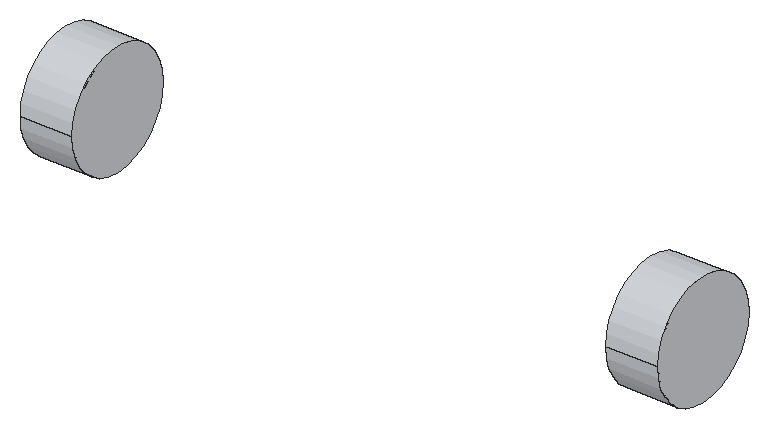
Revit family "SENT125T", category Mechanical Equipment, Revit 2013
Parameters
  Width (including controller) = "717mm"
  Width (excluding controller) = "591mm"
  Weight = "26Kg"
  Warranty period = "Unit 2 years                                    Motor 5 years"
  Spigot Diameter = "125mm"
  Product Description = "Sentinel D-Box Twin Fan"
  Part Number = "SENT125T"
  Options = "Weatherproofed and Constant Pressure options"
  Operational and Maintenance Manual = "http://www.vent-axia.com/files/pdf-downloads/432984_0.pdf"
  Operating Temperature = "(-10C to +40C)"
  Motor Rating = "83 Watts (max)"
  Manufacturer - Website = "www.vent-axia.com"
  Manufacturer - Name = "Vent-Axia Ltd"
  Manufacturer - Email = "sales@vent-axia.com"
  Manufacturer - Contact Phone = "0844 856 0590"
  Manufacturer - Address = "Fleming Way, Crawley, West Sussex RH10 9YX"
  Length (including Spigots) = "705mm"
  Length (excluding Spigots) = "610mm"
  IP Rating  Internal = "IPX2"
  IP Rating  External (WP) = "IPX5"
  Height = "256mm"
  Country of Manufacture = "UK"
  Category = "Sentinel D-Box Twin Fan"
  AC Voltage Input = "220-240 V AC (single phase)"
  AC Frequency Input = "50Hz nominal"
Reference planes
  plane 1 "Center (Front/Back)": y = 0
  plane 2: z = 0
  plane 3 "Center (Left/Right)": x = 0
  plane 4: x = -332.04
  plane 5: x = 372.686
  plane 6: y = 307.83
  plane 7: y = -311.929
Forms (mm)
  Extrusion 1, solid
    sketch origin (-332.086, 9114.766, 165.185) x (0, 0, -1) y (0, 1, 0)
      loop
        circle (35.785, -9115.424) r 62.5
    from 0.046 to 57.524
  Extrusion 2, solid
    sketch origin (372.414, 9112.266, 163.398) x (0, 0, -1) y (0, 1, 0)
      loop
        circle (34.603, -9112.91) r 62.5
    from 0.272 to -57.205
Connectors
  hvac at (372.686, -0.643, 128.794)
    settings: on Extrusion 2, index 1, duct flow 0.0 L/s, flow factor 0, pres drop 0.0 Pa, loss coef 0, conn angle 0.00°, conn width 304.8 mm, conn height 304.8 mm, conn radius 62.5 mm, duct sys type 2, conn prof type 0, flow config 0, flow direction 0, loss method 0, conn ref index -1, conn util no, is conn primary yes, conn desc ""
  hvac at (-332.04, -0.658, 129.4)
    settings: on Extrusion 1, index 2, duct flow 0.0 L/s, flow factor 0, pres drop 0.0 Pa, loss coef 0, conn angle 0.00°, conn width 304.8 mm, conn height 304.8 mm, conn radius 62.5 mm, duct sys type 3, conn prof type 0, flow config 0, flow direction 0, loss method 0, conn ref index -1, conn util no, is conn primary no, conn desc ""
